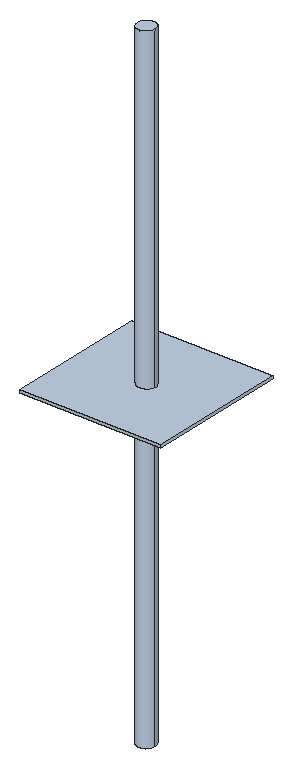
Revit family "EV_TIE ROD WATER STOP 15 L=550_9371980", category Generic Models, Revit 2018
Family settings
  Can host rebar = No
  Round Connector Dimension = Use Diameter
  Part Type = Normal
  OmniClass Number = 35.51.14.00
  OmniClass Title = FORMWORK
  Work Plane-Based = Yes
  Always vertical = No
  Cut with Voids When Loaded = No
  Shared = Yes
  Room Calculation Point = No
Parameters (values of type "EV_TIE ROD WATER STOP 15 L=550_9371980")
  VERSION = "20190101"  # constant formula
  URL = "www.ulmaconstruction.com/en"
  UNICLASS = ""
  Manufacturer = "ULMA CONSTRUCTION"  # constant formula
  ITEM_CODE = "9371980"
  FILTER [instance] = ""
  Default Elevation = 0.000 mm
  CLASSIFICATION_TITLE = ""
  CLASSIFICATION_NUMBER = ""
Reference planes
  plane 1 "Centro (Frontal/Posterior)": y = 0
  plane 2: z = 0
  plane 3 "Centro (Izquierda/Derecha)": x = 0
Forms (mm)
  Extrusion 1, solid, material "ULMA STEEL", detail levels medium+fine
    sketch origin (-337.479, 487.807, 0) x (1, 0, 0) y (0, 1, 0)
      loop
        line (277.479, -427.807) -> (277.479, -547.807) -> (397.479, -547.807) -> (397.479, -427.807) -> (277.479, -427.807)
    from -1 to 1
  Extrusion 2, solid, material "ULMA STEEL", detail levels medium+fine
    sketch origin (0, 0, 0) x (1, 0, 0) y (0, 1, 0)
      loop
        circle (0, 0) r 7.5
    from -275 to 275
Dimensions and locks
  aligned and locked: level to plane 2
